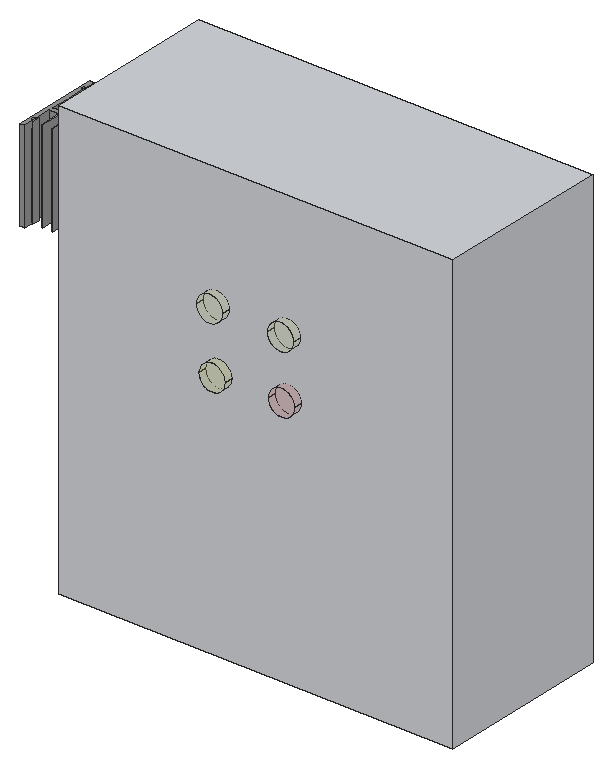
Revit family "НЕВАТОМ_Щит приточный, электрический калорифер, E, Версия 1", category Электрооборудование, Revit 2017
Family settings
  Конфигурация панели = Два столбца, слева направо
  Размер круглого соединителя = Использовать диаметр
  Тип детали = Щит
  Номер OmniClass = 23.80.30.11.17
  Заголовок OmniClass = Distribution Boards and Control Panels
  На основе рабочей плоскости = Да
  Всегда вертикально = Да
  При загрузке вырезать с полостями = Нет
  Общий = Нет
  Точка расчета площади = Нет
Parameters (values of type "ABUm–E–1–Z–0,35e–6–PZ/UVi")
  ф3 = 220.019 mm
  ф2 = 143.919 mm
  ф1 = 64.966 mm
  кнопка = 10 mm
  видимость 6 (5 лампочек) = no
  видимость 5 ( 3 лампочки) = no
  видимость 4 (4  лампочки) = yes
  видимость 3 ( 6 лампочек) = no
  видимость 2 калорифер = yes
  видимость 1 = no
  видимость [instance] = no
  Default Elevation = 1219.2 mm
  НЕВАТОМ_Преобразователь частоты Danfoss, кВт = ""
  НЕВАТОМ_Ориентировочная мощность двигателя = 0.35 kW
  НЕВАТОМ_Номинальный ток двигателя = 2 A
  Макс. допустимая мощность нагревателя, кВт = "6"
  built-in parameter 1140083 [instance] = "Металлический"  # constant formula
  Количество ступеней нагревателя = 0 mm
  ADSK_Размер_Ширина = 200 mm
  ADSK_Размер_Длина = 450 mm
  ADSK_Размер_Высота = 500 mm
  ADSK_Примечание = ""
  ADSK_Напряжение = 220 V
  ADSK_Наименование = "ABUm–E–1–Z–0,35e–6–PZ/UVi"
  ADSK_Материал = none
  ADSK_Марка = ADSK_Наименование  # "ABUm–E–1–Z–0,35e–6–PZ/UVi"
  ADSK_Количество фаз = 3  # constant formula
  ADSK_Количество = 1  # constant formula
  ADSK_Код изделия = ""
  ADSK_Завод-изготовитель = "НЕВАТОМ"  # constant formula
  ADSK_Единица измерения = "шт."  # constant formula
  ADSK_URL документации изделия = ""
Types (82, lengths in mm): name | кнопка | видимость 6 (5 лампочек) | видимость 5 ( 3 лампочки) | видимость 4 (4  лампочки) | видимость 3 ( 6 лампочек) | видимость 2 калорифер | видимость 1 | видимость | Default Elevation | НЕВАТОМ_Преобразователь частоты Danfoss, кВт | НЕВАТОМ_Ориентировочная мощность двигателя | НЕВАТОМ_Номинальный ток двигателя | Макс. допустимая мощность нагревателя, кВт | Количество ступеней нагревателя | ADSK_Размер_Ширина | ADSK_Размер_Длина | ADSK_Размер_Высота | ADSK_Напряжение | ADSK_Наименование | ADSK_Марка
  (no name) | 10 | no | no | yes | no | yes | no | no | 1219.2 | "" | 0.35 kW | 2 A | "6" | 0 | 200 | 450 | 500 | 220 V | "ABUm–E–1–Z–0,35e–6–PZ/UVi" | "ABUm–E–1–Z–0,35e–6–PZ/UVi"
  ABUm–Е–1–ZM-0,35-4,5/1 | 10 | no | no | no | no | yes | no | yes | 1219.2 | "" | 0 kW | 0 A | "4.5" | 1 | 200 | 400 | 650 | 0 V | "ABUm–Е–1–ZM-0,35-4,5/1" | "ABUm–Е–1–ZM-0,35-4,5/1"
  ABUm–Е–1–ZM-0,75-4,5/1 | 10 | no | no | no | no | yes | no | yes | 1219.2 | "" | 0 kW | 0 A | "4.5" | 1 | 200 | 400 | 650 | 380 V | "ABUm–Е–1–ZM-0,75-4,5/1" | "ABUm–Е–1–ZM-0,75-4,5/1"
  ABUm–E–1–ZM–0,35–6/1 | 10 | no | yes | no | no | yes | no | no | 1219.2 | "ND–051 0,37 кВт для 3 фазы" | 0 kW | 1.6 A | "6" | 1 | 200 | 400 | 650 | 380 V | "ABUm–E–1–ZM–0,35–6/1" | "ABUm–E–1–ZM–0,35–6/1"
  ABUm–E–1–ZM–0,75–6/1 | 10 | no | yes | no | no | yes | no | no | 0 | "ND–051 0,75 кВт для 3 фазы" | 0 kW | 2.5 A | "6" | 1 | 200 | 400 | 650 | 380 V | "ABUm–E–1–ZM–0,75–6/1" | "ABUm–E–1–ZM–0,75–6/1"
  ABUm–E–1–ZM–0,35–7,5/1 | 10 | no | yes | no | no | yes | no | no | 1219.2 | "ND–051 0,37 кВт для 3 фазы" | 0 kW | 1.6 A | "7.5" | 1 | 300 | 400 | 650 | 380 V | "ABUm–E–1–ZM–0,35–7,5/1" | "ABUm–E–1–ZM–0,35–7,5/1"
  ABUm–E–1–ZM–0,75–7,5/1 | 10 | no | yes | no | no | yes | no | no | 1219.2 | "" | 0 kW | 0 A | "7.5" | 1 | 200 | 400 | 650 | 380 V | "ABUm–E–1–ZM–0,75–7,5/1" | "ABUm–E–1–ZM–0,75–7,5/1"
  ABUm–E–1–ZM–0,35–12/2 | 10 | yes | no | no | no | yes | no | no | 1219.2 | "ND–051 0,37 кВт для 3 фазы" | 0 kW | 1.6 A | "12" | 2 | 200 | 400 | 650 | 380 V | "ABUm–E–1–ZM–0,35–12/2" | "ABUm–E–1–ZM–0,35–12/2"
  ABUm–E–1–ZM–0,75–12/2 | 10 | yes | no | no | no | yes | no | no | 1219.2 | "ND–051 0,75 кВт для 3 фазы" | 0 kW | 2.5 A | "12" | 2 | 200 | 400 | 650 | 380 V | "ABUm–E–1–ZM–0,75–12/2" | "ABUm–E–1–ZM–0,75–12/2"
  ABUm–E–1–ZM–0,35–15/2 | 10 | yes | no | no | no | yes | no | no | 1219.2 | "ND–051 0,37 кВт для 3 фазы" | 0 kW | 1.6 A | "15" | 2 | 200 | 400 | 650 | 380 V | "ABUm–E–1–ZM–0,35–15/2" | "ABUm–E–1–ZM–0,35–15/2"
  ABUm–E–1–ZM–0,75–15/2 | 10 | yes | no | no | no | yes | no | no | 1219.2 | "ND–051 0,75 кВт для 3 фазы" | 0 kW | 2.5 A | "15" | 2 | 200 | 400 | 650 | 380 V | "ABUm–E–1–ZM–0,75–15/2" | "ABUm–E–1–ZM–0,75–15/2"
  ABUm–E–1–ZM–0,75–22,5/2 | 10 | yes | no | no | no | yes | no | no | 1219.2 | "ND–051 0,75 кВт для 3 фазы" | 0 kW | 2.5 A | "22.5" | 2 | 200 | 400 | 650 | 380 V | "ABUm–E–1–ZM–0,75–22,5/2" | "ABUm–E–1–ZM–0,75–22,5/2"
  ABUm–E–1–ZM–1,5–22,5/2 | 60 | yes | no | no | no | yes | no | no | 1219.2 | "ND–051 1.5 кВт для 3 фазы" | 0 kW | 4 A | "22.5" | 2 | 200 | 400 | 650 | 380 V | "ABUm–E–1–ZM–0,75–22,5/2" | "ABUm–E–1–ZM–0,75–22,5/2"
  ABUm–E–1–ZM–1,5–30/2 | 10 | yes | no | no | no | yes | no | no | 1219.2 | "ND–051 1.5 кВт для 3 фазы" | 0 kW | 4 A | "30" | 2 | 200 | 400 | 650 | 380 V | "ABUm–E–1–ZM–1,5–30/2" | "ABUm–E–1–ZM–1,5–30/2"
  ABUm–E–1–ZM–2–30/2 | 10 | yes | no | no | no | yes | no | no | 1219.2 | "ND–051 1.5 кВт для 3 фазы" | 0 kW | 6 A | "30" | 2 | 200 | 400 | 650 | 380 V | "ABUm–E–1–ZM–2–30/2" | "ABUm–E–1–ZM–2–30/2"
  ABUm–E–1–ZM–1,5–37,5/3 | 10 | no | no | yes | no | yes | no | no | 1219.2 | "ND–051 1.5 кВт для 3 фазы" | 0 kW | 4 A | "37.5" | 3 | 200 | 680 | 800 | 380 V | "ABUm–E–1–ZM–1,5–37,5/3" | "ABUm–E–1–ZM–1,5–37,5/3"
  ABUm–E–1–ZM–2–37,5/3 | 10 | no | no | yes | no | yes | no | no | 1219.2 | "ND–051 2.2 кВт для 3 фазы" | 0 kW | 6 A | "37.5" | 3 | 200 | 680 | 800 | 380 V | "ABUm–E–1–ZM–2–37,5/3" | "ABUm–E–1–ZM–2–37,5/3"
  ABUm–E–1–ZM–2–45/3 | 10 | no | no | no | no | yes | no | no | 1219.2 | "ND–051 2.2 кВт для 3 фазы" | 0 kW | 6 A | "45" | 3 | 200 | 680 | 800 | 380 V | "ABUm–E–1–ZM–2–45/3" | "ABUm–E–1–ZM–2–45/3"
  ABUm–E–1–ZM–4–45/3 | 10 | no | no | yes | no | yes | no | no | 1219.2 | "ND–051 4.0 кВт для 3 фазы" | 0 kW | 10 A | "45" | 3 | 200 | 680 | 800 | 380 V | "ABUm–E–1–ZM–4–45/3" | "ABUm–E–1–ZM–4–45/3"
  ABUm–E–1–ZM–4–60/4 | 10 | no | no | no | no | yes | no | yes | 1219.2 | "ND–051 4.0 кВт для 3 фазы" | 0 kW | 10 A | "60" | 4 | 200 | 680 | 800 | 380 V | "ABUm–E–1–ZM–4–60/4" | "ABUm–E–1–ZM–4–60/4"
  ABUm–E–1–ZM–5,5–60/4 | 10 | no | no | no | no | yes | no | yes | 1219.2 | "" | 0 kW | 0 A | "60" | 4 | 200 | 680 | 800 | 380 V | "ND–051 5,5 кВт для 3 фазы" | "ND–051 5,5 кВт для 3 фазы"
  ABUm–E–1–ZM–4–75/5 | 10 | no | no | no | no | yes | no | yes | 1219.2 | "ND–051 4.0 кВт для 3 фазы" | 0 kW | 10 A | "75" | 5 | 300 | 800 | 1000 | 380 V | "ABUm–E–1–ZM–4–75/5" | "ABUm–E–1–ZM–4–75/5"
  ABUm–E–1–ZM–5,5–75/5 | 10 | no | no | no | no | yes | no | yes | 1219.2 | "ND–051 5.5кВт для 3 фазы" | 0 kW | 13 A | "75" | 5 | 300 | 800 | 1000 | 380 V | "ABUm–E–1–ZM–5,5–75/5" | "ABUm–E–1–ZM–5,5–75/5"
  ABUm–E–1–ZM–5,5–90/5 | 10 | no | no | yes | no | yes | no | no | 1219.2 | "ND–051 5.5 кВт для 3 фазы" | 0 kW | 13 A | "90" | 5 | 300 | 800 | 1000 | 380 V | "ABUm–E–1–ZM–5,5–90/5" | "ABUm–E–1–ZM–5,5–90/5"
  ABUm–E–1–ZM–7,5–120/5 | 10 | no | no | yes | no | yes | no | no | 1219.2 | "ND–051 7.5 кВт для 3 фазы" | 0 kW | 18 A | "120" | 5 | 300 | 800 | 1000 | 380 V | "ABUm–E–1–ZM–7,5–120/5" | "ABUm–E–1–ZM–7,5–120/5"
  ABUm–E–1–ZM–15–120/5 | 10 | no | no | yes | no | yes | no | no | 1219.2 | "ND–051 15 кВт для 3 фазы" | 0 kW | 32 A | "120" | 5 | 300 | 800 | 1000 | 380 V | "ABUm–E–1–ZM–15–120/5" | "ABUm–E–1–ZM–15–120/5"
  ABUm–E–3–Ev–0,35e–3,0e–UVi | 10 | no | no | no | no | yes | yes | no | 1219.2 | "ND–051 0.75 кВт для 3 фазы" | 0.35 kW | 2 A | "3" | 0 | 200 | 450 | 500 | 220 V | "ABUm–E–3–Ev–0,35e–3,0e–UVi" | "ABUm–E–3–Ev–0,35e–3,0e–UVi"
  ABUm–E–3–Ev–0,35e–4,5–UVi | 10 | no | no | no | no | yes | yes | no | 1219.2 | "" | 0.35 kW | 2 A | "4.5" | 0 | 200 | 450 | 500 | 220 V | "ABUm–E–3–Ev–0,35e–4,5–UVi" | "ABUm–E–3–Ev–0,35e–4,5–UVi"
  ABUm–E–3–Ev–0,35e–6–UVi | 10 | no | no | no | no | yes | yes | no | 1219.2 | "" | 0.35 kW | 2 A | "6" | 2 | 200 | 450 | 500 | 220 V | "ABUm–E–3–Ev–0,35e–6–UVi" | "ABUm–E–3–Ev–0,35e–6–UVi"
  ABUm–E–3–Ev–0,35e–7,5–UVi | 10 | no | no | no | no | yes | yes | no | 1219.2 | "" | 0.35 kW | 2 A | "7.5" | 0 | 200 | 450 | 500 | 220 V | "ABUm–E–3–Ev–0,35e–7,5–UVi" | "ABUm–E–3–Ev–0,35e–7,5–UVi"
  ABUm–E–3–Ev–0,35e–12–UVi | 10 | no | no | no | no | yes | yes | no | 1219.2 | "" | 0.35 kW | 2 A | "12" | 0 | 200 | 450 | 500 | 220 V | "ABUm–E–3–Ev–0,35e–12–UVi" | "ABUm–E–3–Ev–0,35e–12–UVi"
  ABUm–E–3–Ev–0,35e–15–UVi | 10 | no | no | no | no | yes | yes | no | 1219.2 | "" | 0.35 kW | 2 A | "15" | 0 | 200 | 450 | 500 | 220 V | "ABUm–E–3–Ev–0,35e–15–UVi" | "ABUm–E–3–Ev–0,35e–15–UVi"
  ABUm–E–3–Ev–0,35e–18–UVi | 10 | no | no | no | no | yes | yes | no | 1219.2 | "" | 0.35 kW | 2 A | "18" | 0 | 200 | 450 | 500 | 220 V | "ABUm–E–3–Ev–0,35e–18–UVi" | "ABUm–E–3–Ev–0,35e–18–UVi"
  ABUm–E–3–Ev–0,75–7,5 | 10 | no | no | no | no | yes | yes | no | 1219.2 | "ND–051 0.75 кВт для 3 фазы" | 0.75 kW | 2 A | "12" | 0 | 200 | 450 | 500 | 220 V | "ABUm–E–3–Ev–0,75–7,5" | "ABUm–E–3–Ev–0,75–7,5"
  ABUm–E–3–Ev–0,35–12 | 10 | no | no | no | no | yes | yes | no | 1219.2 | "ND–051 0.75 кВт для 3 фазы" | 0.35 kW | 1.2 A | "12" | 0 | 200 | 450 | 500 | 220 V | "ABUm–E–3–Ev–0,35–12" | "ABUm–E–3–Ev–0,35–12"
  ABUm–E–3–Ev–0,35–3,0e | 10 | no | no | no | no | yes | yes | no | 1219.2 | "ND–051 0.75 кВт для 3 фазы" | 0.35 kW | 1.2 A | "3" | 0 | 200 | 450 | 500 | 380 V | "ABUm–E–3–Ev–0,35–3,0e" | "ABUm–E–3–Ev–0,35–3,0e"
  ABUm–E–3–Ev–0,35–4,5 | 10 | no | no | no | no | yes | yes | no | 1219.2 | "ND–051 0.75 кВт для 3 фазы" | 0 kW | 1.2 A | "4.5" | 0 | 200 | 450 | 500 | 380 V | "ABUm–E–3–Ev–0,35–4,5" | "ABUm–E–3–Ev–0,35–4,5"
  ABUm–E–3–Ev–0,75–4,5 | 10 | no | no | no | no | yes | yes | no | 1219.2 | "ND–051 0.75 кВт для 3 фазы" | 0 kW | 0 A | "4.5" | 0 | 200 | 450 | 500 | 380 V | "ABUm–E–3–Ev–0,75–4,5" | "ABUm–E–3–Ev–0,75–4,5"
  ABUm–E–3–Ev–0,35–6 | 10 | no | no | no | no | yes | yes | no | 1219.2 | "ND–051 0.75 кВт для 3 фазы" | 0 kW | 1.2 A | "6" | 0 | 200 | 450 | 500 | 380 V | "ABUm–E–3–Ev–0,35–6" | "ABUm–E–3–Ev–0,35–6"
  ABUm–E–3–Ev–0,75–6 | 10 | no | no | no | no | yes | yes | no | 1219.2 | "" | 0 kW | 0 A | "6" | 0 | 200 | 450 | 500 | 380 V | "ABUm–E–3–Ev–0,75–6" | "ABUm–E–3–Ev–0,75–6"
  ABUm–E–3–Ev–0,35–7,5 | 10 | no | no | no | no | yes | yes | no | 1219.2 | "ND–051 0.75 кВт для 3 фазы" | 0 kW | 2 A | "7.5" | 0 | 200 | 450 | 500 | 380 V | "ABUm–E–3–Ev–0,35–7,5" | "ABUm–E–3–Ev–0,35–7,5"
  ABUm–E–3–Ev–0,35–15 | 10 | no | no | no | no | yes | yes | no | 1219.2 | "ND–051 0.75 кВт для 3 фазы" | 0.35 kW | 0 A | "15" | 1.2 | 200 | 450 | 500 | 380 V | "ABUm–E–3–Ev–0,35–15" | "ABUm–E–3–Ev–0,35–15"
  ABUm–E–3–Ev–0,75–15 | 10 | no | no | no | no | yes | yes | no | 1219.2 | "ND–051 0.75 кВт для 3 фазы" | 0.75 kW | 2 A | "15" | 0 | 200 | 450 | 500 | 380 V | "ABUm–E–3–Ev–0,75–15" | "ABUm–E–3–Ev–0,75–15"
  ABUm–E–3–Ev–0,75–22,5 | 10 | no | no | no | no | yes | yes | no | 1219.2 | "ND–051 1.5 кВт для 3 фазы" | 1.5 kW | 2 A | "22.5" | 0 | 200 | 450 | 500 | 380 V | "ABUm–E–3–Ev–0,75–22,5" | "ABUm–E–3–Ev–0,75–22,5"
  ABUm–E–3–Ev–1,5–22,5 | 10 | no | no | no | no | yes | yes | no | 1219.2 | "ND–051 1.5 кВт для 3 фазы" | 1.5 kW | 3.6 A | "22.5" | 0 | 200 | 450 | 500 | 380 V | "ABUm–E–3–Ev–1,5–22,5" | "ABUm–E–3–Ev–1,5–22,5"
  ABUm–E–3–Ev–1,5–30 | 10 | no | no | no | no | yes | yes | no | 1219.2 | "ND–051 1.5 кВт для 3 фазы" | 1.5 kW | 3.6 A | "30" | 0 | 200 | 450 | 500 | 380 V | "ABUm–E–3–Ev–1,5–30" | "ABUm–E–3–Ev–1,5–30"
  ABUm–E–3–EV–2,2–30 | 10 | no | no | no | no | yes | yes | no | 1219.2 | "ND–051 2.2 кВт для 3 фазы" | 2.2 kW | 5.2 A | "30" | 0 | 200 | 450 | 500 | 380 V | "ABUm–E–3–Ev–1,5–30" | "ABUm–E–3–Ev–1,5–30"
  ABUm–E–4–0,35–4,5/1 | 10 | no | no | no | yes | no | no | no | 1219.2 | "ND–051 0.75 кВт для 3 фазы" | 0.35 kW | 1.2 A | "4.5" | 0 | 200 | 450 | 500 | 380 V | "ABUm–E–4–0,35–4,5/1" | "ABUm–E–4–0,35–4,5/1"
  ABUm–E–4–0,75–4,5/1 | 10 | no | no | no | yes | no | no | no | 1219.2 | "ND–051 0.75 кВт для 3 фазы" | 0.75 kW | 2 A | "4.5" | 0 | 200 | 450 | 500 | 380 V | "ABUm–E–4–0,35–4,5/1" | "ABUm–E–4–0,35–4,5/1"
  ABUm–E–4–0,35–6/1 | 10 | no | no | no | yes | no | no | no | 1219.2 | "ND–051 0.75 кВт для 3 фазы" | 0.35 kW | 1.2 A | "6" | 0 | 200 | 450 | 500 | 380 V | "ABUm–E–4–0,35–6/1" | "ABUm–E–4–0,35–6/1"
  ABUm–E–4–0,75–6/1 | 10 | no | no | no | yes | no | no | no | 1219.2 | "ND–051 0.75 кВт для 3 фазы" | 0.75 kW | 2 A | "6" | 0 | 200 | 450 | 500 | 380 V | "ABUm–E–4–0,75–6/1" | "ABUm–E–4–0,75–6/1"
  ABUm–E–4–0,35–7,5/1 | 10 | no | no | no | yes | no | no | no | 1219.2 | "ND–051 0.75 кВт для 3 фазы" | 0.35 kW | 0.35 A | "7.5" | 0 | 200 | 450 | 500 | 380 V | "ABUm–E–4–0,35–7,5/1" | "ABUm–E–4–0,35–7,5/1"
  ABUm–E–4–0,75–7,5/1 | 10 | no | no | no | yes | no | no | no | 1219.2 | "ND–051 0.75 кВт для 3 фазы" | 0.75 kW | 1.2 A | "7.5" | 0 | 200 | 450 | 500 | 380 V | "ABUm–E–4–0,35–7,5/1" | "ABUm–E–4–0,35–7,5/1"
  ABUm–E–4–0,35–12/2 | 10 | no | no | no | yes | no | no | no | 1219.2 | "ND–051 0.75 кВт для 3 фазы" | 0.35 kW | 1.2 A | "12" | 0 | 200 | 450 | 500 | 380 V | "ABUm–E–4–0,35–12/2" | "ABUm–E–4–0,35–12/2"
  ABUm–E–4–0,35–15/2 | 10 | no | no | no | yes | no | no | no | 1219.2 | "ND–051 0.75 кВт для 3 фазы" | 0.35 kW | 1.2 A | "15" | 0 | 200 | 450 | 500 | 380 V | "ABUm–E–4–0,35–15/2" | "ABUm–E–4–0,35–15/2"
  ABUm–E–4–0,75–15/2 | 10 | no | no | no | yes | no | no | no | 1219.2 | "ND–051 0.75 кВт для 3 фазы" | 0.75 kW | 2 A | "15" | 0 | 200 | 450 | 500 | 380 V | "ABUm–E–4–0,75–15/2" | "ABUm–E–4–0,75–15/2"
  ABUm–E–4–0,75–22,5/2 | 10 | no | no | no | yes | no | no | no | 1219.2 | "ND–051 0.75 кВт для 3 фазы" | 0.75 kW | 1.2 A | "22.5" | 0 | 200 | 450 | 500 | 380 V | "ABUm–E–4–0,75–22,5/2" | "ABUm–E–4–0,75–22,5/2"
  ABUm–E–4–1,5–22,5/2 | 10 | no | no | no | yes | no | no | no | 1219.2 | "ND–051 1.5 кВт для 3 фазы" | 1.5 kW | 3.6 A | "22.5" | 0 | 200 | 450 | 500 | 380 V | "ABUm–E–4–1,5–22,5/2" | "ABUm–E–4–1,5–22,5/2"
  ABUm–E–4–1,5–30/2 | 10 | no | no | no | yes | no | no | no | 1219.2 | "ND–051 1.5 кВт для 3 фазы" | 1.5 kW | 3.6 A | "30" | 0 | 200 | 450 | 500 | 380 V | "ABUm–E–4–1,5–30/2" | "ABUm–E–4–1,5–30/2"
  ABUm–E–4–2,2–30/2 | 10 | no | no | no | yes | no | no | no | 1219.2 | "ND–051 2.2 кВт для 3 фазы" | 2.2 kW | 5.2 A | "30" | 0 | 200 | 450 | 500 | 380 V | "ABUm–E–4–2,2–30/2" | "ABUm–E–4–2,2–30/2"
  ABUm–E–4–1,5–37,5/3 | 10 | no | no | no | yes | no | no | no | 1219.2 | "ND–051 1.5 кВт для 3 фазы" | 1.5 kW | 3.6 A | "37.5" | 0 | 200 | 400 | 650 | 380 V | "ABUm–E–4–1,5–37,5/3" | "ABUm–E–4–1,5–37,5/3"
  ABUm–E–4–2,2–37,5/3 | 10 | no | no | no | yes | no | no | no | 1219.2 | "ND–051 2.2 кВт для 3 фазы" | 2.2 kW | 5.2 A | "37.5" | 0 | 200 | 400 | 650 | 380 V | "ABUm–E–4–2,2–37,5/3" | "ABUm–E–4–2,2–37,5/3"
  ABUm–E–4–2,2–45/3 | 10 | no | no | no | yes | no | no | no | 1219.2 | "ND–051 2.2 кВт для 3 фазы" | 4 kW | 8.9 A | "45" | 0 | 200 | 400 | 650 | 380 V | "ABUm–E–4–2,2–45/3" | "ABUm–E–4–2,2–45/3"
  ABUm–E–4–4–45/3 | 10 | no | no | no | yes | no | no | no | 1219.2 | "ND–051 4.0 кВт для 3 фазы" | 4 kW | 8.9 A | "45" | 0 | 200 | 400 | 650 | 380 V | "ABUm–E–4–4–45/3" | "ABUm–E–4–4–45/3"
  ABUm–E–4–4–60/4 | 10 | no | no | no | yes | no | no | no | 1219.2 | "ND–051 4.0 кВт для 3 фазы" | 4 kW | 8.9 A | "60" | 0 | 200 | 600 | 800 | 380 V | "ABUm–E–4–4–60/4" | "ABUm–E–4–4–60/4"
  ABUm–E–4–5,5–60/4 | 10 | no | no | no | yes | no | no | no | 1219.2 | "ND–051 5.5 кВт для 3 фазы" | 0 kW | 11.3 A | "60" | 0 | 200 | 600 | 800 | 380 V | "ABUm–E–4–5,5–60/4" | "ABUm–E–4–5,5–60/4"
  ABUm–E–4–4–75/5 | 10 | no | no | no | yes | no | no | no | 1219.2 | "ND–051 4.0 кВт для 3 фазы" | 4 kW | 8.9 A | "75" | 0 | 200 | 600 | 800 | 380 V | "ABUm–E–4–4–75/5" | "ABUm–E–4–4–75/5"
  ABUm–E–4–5,5–75/5 | 10 | no | no | no | yes | no | no | no | 1219.2 | "ND–051 5.5 кВт для 3 фазы" | 5.5 kW | 11.3 A | "75" | 0 | 200 | 600 | 800 | 380 V | "ABUm–E–4–5,5–75/5" | "ABUm–E–4–5,5–75/5"
  ABUm–E–4–5,5–90/5 | 10 | no | no | no | yes | no | no | no | 1219.2 | "ND–051 5.5 кВт для 3 фазы" | 5.5 kW | 11.3 A | "90" | 0 | 200 | 600 | 800 | 380 V | "ABUm–E–4–5,5–90/5" | "ABUm–E–4–5,5–90/5"
  ABUm–E–4–7,5–120/5 | 10 | no | no | no | yes | no | no | no | 1219.2 | "ND–051 7.5 кВт для 3 фазы" | 7.5 kW | 15.6 A | "120" | 0 | 200 | 600 | 800 | 380 V | "ABUm–E–4–7,5–120/5" | "ABUm–E–4–7,5–120/5"
  ABUm–E–1–Z–0,8e–4,5–PZ/UVi | 10 | no | no | no | no | yes | no | no | 1219.2 | "" | 0.8 kW | 2 A | "4.5" | 0 | 200 | 450 | 500 | 220 V | "ABUm–E–1–Z–0,8e–4,5–PZ/UVi" | "ABUm–E–1–Z–0,8e–4,5–PZ/UVi"
  ABUm–E–1–Z–0,35e–6–PZ/UVi | 10 | no | no | yes | no | yes | no | no | 1219.2 | "" | 0.35 kW | 2 A | "6" | 0 | 200 | 450 | 500 | 220 V | "ABUm–E–1–Z–0,35e–6–PZ/UVi" | "ABUm–E–1–Z–0,35e–6–PZ/UVi"
  ABUm–E–1–Z–0,8e–6–PZ/UVi | 10 | no | no | no | no | yes | no | no | 1219.2 | "" | 0.35 kW | 3.5 A | "6" | 0 | 200 | 450 | 500 | 220 V | "ABUm–E–1–Z–0,8e–6–PZ/UVi" | "ABUm–E–1–Z–0,8e–6–PZ/UVi"
  ABUm–E–1–Z–0,8e–7,5–PZ/UVi | 10 | no | no | no | no | yes | no | no | 1219.2 | "" | 0 kW | 3.5 A | "7.5" | 0 | 200 | 450 | 500 | 220 V | "ABUm–E–1–Z–0,8e–7,5–PZ/UVi" | "ABUm–E–1–Z–0,8e–7,5–PZ/UVi"
  ABUm–E–1–Z–0,35e–12–PZ/UVi | 10 | no | no | no | no | yes | no | no | 1219.2 | "" | 0.35 kW | 2 A | "12" | 0 | 200 | 450 | 500 | 220 V | "ABUm–E–1–Z–0,35e–12–PZ/UVi" | "ABUm–E–1–Z–0,35e–12–PZ/UVi"
  ABUm–E–1–Z–0,8e–12–PZ/UVi | 10 | no | no | yes | no | yes | no | no | 1219.2 | "" | 0.8 kW | 0 A | "12" | 0 | 200 | 450 | 500 | 220 V | "ABUm–E–1–Z–0,8e–12–PZ/UVi" | "ABUm–E–1–Z–0,8e–12–PZ/UVi"
  ABUm–E–1–Z–0,35e–15–PZ/UVi | 10 | no | no | no | no | yes | no | no | 1219.2 | "" | 0.8 kW | 3.5 A | "15" | 0 | 200 | 450 | 500 | 220 V | "ABUm–E–1–Z–0,8e–22,5–PZ/UVi" | "ABUm–E–1–Z–0,8e–22,5–PZ/UVi"
  ABUm–E–1–ZM–0,35–4,5/1 | 10 | no | yes | no | no | yes | no | no | 0 | "ND–051 0,37 кВт для 3 фазы" | 0.37 kW | 1.6 A | "4.5" | 1 | 200 | 400 | 650 | 380 V | "ABUm–E–1–ZM–0,35–4,5/1" | "ABUm–E–1–ZM–0,35–4,5/1"
  ABUm–E–1–ZM–0,75–4,5/1 | 10 | no | yes | no | no | yes | no | no | 1219.2 | "ND–051 0,75 кВт для 3 фазы" | 0.75 kW | 2.5 A | "4.5" | 1 | 200 | 400 | 650 | 380 V | "ABUm–E–1–ZM–0,75–4,5/1" | "ABUm–E–1–ZM–0,75–4,5/1"
  ABUm–E–1–ZM–7,5–90/5 | 10 | no | no | yes | no | yes | no | no | 1219.2 | "" | 0 kW | 0 A | "90" | 5 | 300 | 800 | 1000 | 380 V | "ABUm–E–1–ZM–7,5–90/5" | "ABUm–E–1–ZM–7,5–90/5"
  ABUm–E–1–Z–0,8e–15–PZ/UVi | 10 | no | no | no | no | yes | no | no | 1219.2 | "" | 0.8 kW | 3.5 A | "15" | 0 | 200 | 450 | 500 | 220 V | "ABUm–E–1–Z–0,8e–15–PZ/UVi" | "ABUm–E–1–Z–0,8e–15–PZ/UVi"
  ABUm–E–1–Z–0,8e–22,5–PZ/UVi | 10 | no | no | no | no | yes | no | no | 1219.2 | "" | 0 kW | 0 A | "22.5" | 0 | 200 | 450 | 500 | 220 V | "ABUm–E–1–Z–0,8e–22,5–PZ/UVi" | "ABUm–E–1–Z–0,8e–22,5–PZ/UVi"
Reference planes
  plane 1 "По центру (Вперед/Назад)": y = 0
  plane 2: z = 0
  plane 3 "По центру (Влево/Вправо)": x = 0
  plane 4: y = 100
  plane 5: y = -100
  plane 6: x = -225
  plane 7: x = 225
  plane 8: z = 500
Forms (mm)
  Extrusion 1, solid, material <- "ADSK_Материал"
    sketch origin (0, 0, 0) x (1, 0, 0) y (0, 1, 0)
      loop
        line (-225, 100) -> (-225, -100) -> (225, -100) -> (225, 100) -> (-225, 100)
    from 0 to 500
  Extrusion 2, solid, material "Пластик ПЭТ", visible <- "видимость"
    sketch origin (99.074, 0, 167.022) x (1, 0, 0) y (0, 0, 1)
      loop
        circle (-99.074, 296.086) r 15
    from 100 to 110
  Extrusion 3, solid, material "Стекло", visible <- "видимость"
    sketch origin (10, 0, 0) x (1, 0, 0) y (0, 0, 1)
      loop
        circle (-99.074, 596.086) r 15
    from 100 to 110
  Extrusion 4, solid, material "Стекло", visible <- "видимость"
    sketch origin (70, 0, 0) x (1, 0, 0) y (0, 0, 1)
      loop
        circle (-99.074, 596.086) r 15
    from 100 to 110
  Extrusion 5, solid, material "Стекло", visible <- "видимость"
    sketch origin (-10, 0, 0) x (-1, 0, 0) y (0, 0, -1)
      loop
        circle (-99.074, -596.086) r 15
    from 100 to 110
  Extrusion 6, solid, material "Стекло", visible <- "видимость"
    sketch origin (-70, 0, 0) x (-1, 0, 0) y (0, 0, -1)
      loop
        circle (-99.074, -596.086) r 15
    from 100 to 110
  Extrusion 7, solid, material "Стекло, прозрачное остекление 1", visible <- "видимость"
    sketch origin (0, 0, 270) x (1, 0, 0) y (0, 0, 1)
      loop
        circle (-30.32, 244.15) r 15
    from 100 to 110
  Extrusion 8, solid, material "Стекло, прозрачное остекление", visible <- "видимость"
    sketch origin (0, 0, 270) x (1, 0, 0) y (0, 0, 1)
      loop
        circle (26.718, 245.809) r 15
    from 100 to 110
  Extrusion 9, solid, material "Стекло", visible <- "видимость 1"
    sketch origin (0, 0, 0) x (1, 0, 0) y (0, 0, 1)
      loop
        circle (-60.026, 411.081) r 15
    from 100 to 110
  Extrusion 10, solid, material "Стекло, прозрачное остекление 1", visible <- "видимость 1"
    sketch origin (0, 0, -2.381) x (1, 0, 0) y (0, 0, 1)
      loop
        circle (0, 413.463) r 15
    from 100 to 110
  Extrusion 11, solid, material "Стекло, прозрачное остекление", visible <- "видимость 1"
    sketch origin (0, 0, 0) x (1, 0, 0) y (0, 0, 1)
      loop
        circle (59.565, 412.764) r 15
    from 100 to 110
  Extrusion 12, solid, material "Пластик ПЭТ", visible <- "видимость 1"
    sketch origin (0, 0, -20) x (1, 0, 0) y (0, 0, 1)
      loop
        circle (-60.026, 325.28) r 15
      loop
        circle (60.026, 325.28) r 15
    from 100 to 110
  Extrusion 13, solid, material "Стекло, прозрачное остекление 1", visible <- "видимость 3 ( 6 лампочек)"
    sketch origin (0, 0, 55) x (1, 0, 0) y (0, 0, 1)
      loop
        circle (-39.567, 330.034) r 15
    from 100 to 110
  Extrusion 14, solid, material "Стекло, прозрачное остекление 1", visible <- "видимость 3 ( 6 лампочек)"
    sketch origin (0, 0, 355) x (-1, 0, 0) y (0, 0, -1)
      loop
        circle (-39.567, -30.034) r 15
    from 100 to 110
  Extrusion 15, solid, material "Стекло, прозрачное остекление", visible <- "видимость 3 ( 6 лампочек)"
    sketch origin (0, 0, 0) x (1, 0, 0) y (0, 0, 1)
      loop
        circle (-42.425, 292.049) r 15
    from 100 to 110
  Extrusion 16, solid, material "Стекло, прозрачное остекление", visible <- "видимость 3 ( 6 лампочек)"
    sketch origin (0, 0, -150) x (-1, 0, 0) y (0, 0, -1)
      loop
        circle (-42.425, -442.049) r 15
    from 100 to 110
  Extrusion 17, solid, material "Стекло", visible <- "видимость 3 ( 6 лампочек)"
    sketch origin (0, 0, -150) x (1, 0, 0) y (0, 0, 1)
      loop
        circle (43.654, 342.259) r 15
      loop
        circle (-43.654, 342.259) r 15
    from 100 to 110
  Extrusion 18, solid, material "Стекло, прозрачное остекление 1", visible <- "видимость 3 ( 6 лампочек)", not visible
    sketch origin (0, 50, 55) x (1, 0, 0) y (0, 0, 1)
      loop
        circle (-39.567, 330.034) r 15
    from 100 to 110
  Extrusion 19, solid, material "Стекло, прозрачное остекление 1", visible <- "видимость 3 ( 6 лампочек)", not visible
    sketch origin (0, 50, 355) x (-1, 0, 0) y (0, 0, -1)
      loop
        circle (-39.567, -30.034) r 15
    from 100 to 110
  Extrusion 20, solid, material "Стекло, прозрачное остекление", visible <- "видимость 3 ( 6 лампочек)", not visible
    sketch origin (0, 50, 0) x (1, 0, 0) y (0, 0, 1)
      loop
        circle (-42.425, 292.049) r 15
    from 100 to 110
  Extrusion 21, solid, material "Стекло, прозрачное остекление", visible <- "видимость 3 ( 6 лампочек)", not visible
    sketch origin (0, 50, -150) x (-1, 0, 0) y (0, 0, -1)
      loop
        circle (-42.425, -442.049) r 15
    from 100 to 110
  Extrusion 22, solid, material "Стекло", visible <- "видимость 3 ( 6 лампочек)", not visible
    sketch origin (0, 50, -150) x (1, 0, 0) y (0, 0, 1)
      loop
        circle (43.654, 342.259) r 15
      loop
        circle (-43.654, 342.259) r 15
    from 100 to 110
  Extrusion 23, solid, material "Стекло", visible <- "видимость 1", not visible
    sketch origin (0, 50, 0) x (1, 0, 0) y (0, 0, 1)
      loop
        circle (-60.026, 411.081) r 15
    from 100 to 110
  Extrusion 24, solid, material "Стекло, прозрачное остекление 1", visible <- "видимость 1", not visible
    sketch origin (0, 50, -2.381) x (1, 0, 0) y (0, 0, 1)
      loop
        circle (0, 413.463) r 15
    from 100 to 110
  Extrusion 25, solid, material "Стекло, прозрачное остекление", visible <- "видимость 1", not visible
    sketch origin (0, 50, 0) x (1, 0, 0) y (0, 0, 1)
      loop
        circle (59.565, 412.764) r 15
    from 100 to 110
  Extrusion 26, solid, material "Пластик ПЭТ", visible <- "видимость 1", not visible
    sketch origin (0, 50, 160) x (1, 0, 0) y (0, 0, 1)
      loop
        circle (-60.026, 175.28) r 15
      loop
        circle (60.026, 175.28) r 15
    from 100 to 110
  Extrusion 27, solid, material "Пластик ПЭТ", visible <- "видимость", not visible
    sketch origin (99.074, 0, 167.022) x (1, 0, 0) y (0, 0, 1)
      loop
        circle (-99.074, 296.086) r 15
    from 100 to 110
  Extrusion 28, solid, material "Стекло", visible <- "видимость", not visible
    sketch origin (10, 0, 0) x (1, 0, 0) y (0, 0, 1)
      loop
        circle (-99.074, 596.086) r 15
    from 100 to 110
  Extrusion 29, solid, material "Стекло", visible <- "видимость", not visible
    sketch origin (70, 0, 0) x (1, 0, 0) y (0, 0, 1)
      loop
        circle (-99.074, 596.086) r 15
    from 100 to 110
  Extrusion 30, solid, material "Стекло", visible <- "видимость", not visible
    sketch origin (-10, 0, 0) x (-1, 0, 0) y (0, 0, -1)
      loop
        circle (-99.074, -596.086) r 15
    from 100 to 110
  Extrusion 31, solid, material "Стекло", visible <- "видимость", not visible
    sketch origin (-70, 0, 0) x (-1, 0, 0) y (0, 0, -1)
      loop
        circle (-99.074, -596.086) r 15
    from 100 to 110
  Extrusion 32, solid, material "Стекло, прозрачное остекление 1", visible <- "видимость", not visible
    sketch origin (0, 0, 270) x (1, 0, 0) y (0, 0, 1)
      loop
        circle (-30.32, 244.15) r 15
    from 100 to 110
  Extrusion 33, solid, material "Стекло, прозрачное остекление", visible <- "видимость", not visible
    sketch origin (0, 0, 270) x (1, 0, 0) y (0, 0, 1)
      loop
        circle (26.718, 245.809) r 15
    from 100 to 110
  Extrusion 34, solid, material "Стекло", visible <- "видимость 4 (4  лампочки)"
    sketch origin (0, 0, 0) x (1, 0, 0) y (0, 0, 1)
      loop
        circle (-44.755, 359.637) r 15
    from 100 to 110
  Extrusion 35, solid, material "Стекло", visible <- "видимость 4 (4  лампочки)"
    sketch origin (0, 0, 0) x (1, 0, 0) y (0, 0, 1)
      loop
        circle (36.528, 359.274) r 15
    from 110 to 100
  Extrusion 36, solid, material "Стекло, прозрачное остекление", visible <- "видимость 4 (4  лампочки)"
    sketch origin (0, 0, 0) x (1, 0, 0) y (0, 0, 1)
      loop
        circle (37.606, 292.22) r 15
    from 100 to 110
  Extrusion 37, solid, material "Стекло, прозрачное остекление 1", visible <- "видимость 4 (4  лампочки)"
    sketch origin (0, 0, 0) x (1, 0, 0) y (0, 0, 1)
      loop
        circle (-41.853, 289.986) r 15
    from 100 to 110
  Extrusion 38, solid, material "Стекло, прозрачное остекление 1", visible <- "видимость 5 ( 3 лампочки)"
    sketch origin (0, 0, 0) x (1, 0, 0) y (0, 0, 1)
      loop
        circle (0, 337.812) r 15
    from 100 to 110
  Extrusion 39, solid, material "Стекло, прозрачное остекление", visible <- "видимость 5 ( 3 лампочки)"
    sketch origin (0, 0, 0) x (1, 0, 0) y (0, 0, 1)
      loop
        circle (42.823, 338.573) r 15
    from 100 to 110
  Extrusion 40, solid, material "Стекло", visible <- "видимость 5 ( 3 лампочки)"
    sketch origin (0, 0, 0) x (1, 0, 0) y (0, 0, 1)
      loop
        circle (-44.779, 336.288) r 15
    from 100 to 110
  Extrusion 41, solid, material "Стекло", visible <- "видимость 5 ( 3 лампочки)"
    sketch origin (0, 0, 0) x (1, 0, 0) y (0, 0, 1)
      loop
        circle (0, 273.657) r 15
    from 100 to 110
  Extrusion 42, solid, material "Стекло", visible <- "видимость 6 (5 лампочек)"
    sketch origin (0, 0, 0) x (1, 0, 0) y (0, 0, 1)
      loop
        circle (71.922, 318.588) r 15
      loop
        circle (0, 213.054) r 15
    from 100 to 110
  Extrusion 43, solid, material "Стекло, прозрачное остекление", visible <- "видимость 6 (5 лампочек)"
    sketch origin (0, 0, 0) x (1, 0, 0) y (0, 0, 1)
      loop
        circle (70.588, 253.6) r 15
    from 100 to 110
  Extrusion 44, solid, material "Стекло", visible <- "видимость 6 (5 лампочек)"
    sketch origin (0, 0, 0) x (-1, 0, 0) y (0, 0, -1)
      loop
        circle (71.922, -318.588) r 15
      loop
        circle (0, -213.054) r 15
    from 100 to 110
  Extrusion 45, solid, material "Стекло, прозрачное остекление 1", visible <- "видимость 6 (5 лампочек)"
    sketch origin (0, 0, 0) x (1, 0, 0) y (0, 0, 1)
      loop
        circle (-73.809, 248.011) r 15
    from 100 to 110
Lines and regions (mm)
  reference lines
    curve 1: line (-225, -100, 0) -> (-225, -46, 0)
Dimensions and locks
  "ADSK_Размер_Высота": plane 8 to level
  equal spacing: plane 6, plane 3 "По центру (Влево/Вправо)", plane 7
  equal spacing: plane 4, plane 1 "По центру (Вперед/Назад)", plane 5
  "ADSK_Размер_Длина": plane 6 to plane 7
  "ADSK_Размер_Ширина": plane 4 to plane 5
  locked: plane 8 to nested 1 at 65.4
  locked: plane 5 to Extrusion 3 at 10
  plane 5 to Extrusion 7 = 10 mm  (x2)
  locked: plane 5 to Extrusion 2 at 10
  Extrusion 8 to plane 5 = 10 mm
  plane 5 to Extrusion 4 = 10 mm
  plane 5 to Extrusion 6 = 10 mm
  plane 5 to Extrusion 5 = 10 mm
  plane 5 to Extrusion 8 = 10 mm
  locked: Extrusion 1 to Extrusion 34 at 10  (x4)
  locked: Extrusion 35 to Extrusion 35 at 10
  locked: Extrusion 36 to Extrusion 36 at 10
  locked: Extrusion 37 to Extrusion 37 at 10
  locked: Extrusion 1 to Extrusion 38 at 10
  locked: Extrusion 1 to Extrusion 39 at 10  (x5)
  locked: Extrusion 1 to Extrusion 40 at 10
  locked: Extrusion 1 to Extrusion 41 at 10
  locked: Extrusion 1 to Extrusion 42 at 10  (x3)
  aligned and locked: level to plane 2
  aligned and locked: plane 8 to Extrusion 1
  aligned and locked: nested 1 to plane 6
  aligned and locked: plane 5 to Extrusion 3
  aligned and locked: plane 5 to Extrusion 2
  aligned and locked: plane 5 to Extrusion 5
  aligned and locked: plane 5 to Extrusion 4
  aligned and locked: plane 5 to Extrusion 6
  aligned and locked: Extrusion 1 to plane 5  (x2)
  aligned and locked: plane 5 to Extrusion 34
  aligned and locked: plane 5 to Extrusion 35
  aligned and locked: plane 5 to Extrusion 36
  aligned and locked: plane 5 to Extrusion 37
  aligned and locked: plane 5 to Extrusion 40
  aligned and locked: plane 5 to Extrusion 41
  aligned and locked: plane 5 to Extrusion 42
Automatic sketch dimensions
  Extrusion 17 sketch curve to Extrusion 17 sketch curve = 0 mm
  Extrusion 17 sketch curve to Extrusion 17 sketch curve = 87.308 mm
  Extrusion 22 sketch curve to Extrusion 22 sketch curve = 0 mm
  Extrusion 22 sketch curve to Extrusion 22 sketch curve = 87.308 mm
  Extrusion 26 sketch curve to Extrusion 26 sketch curve = 0 mm
  Extrusion 26 sketch curve to Extrusion 26 sketch curve = 120.052 mm
  Extrusion 1 sketch curve to plane 5 = 0 mm
  Extrusion 1 sketch curve to plane 6 = 0 mm
  Extrusion 1 sketch curve to plane 7 = 0 mm
  Extrusion 1 sketch curve to plane 4 = 0 mm
  curve 1 to plane 6 = 0 mm
  curve 1 to plane 5 = 0 mm
  plane 1 "По центру (Вперед/Назад)" to curve 1 = 46 mm
  Extrusion 9 sketch curve to plane 3 "По центру (Влево/Вправо)" = 60.026 mm
  Extrusion 9 sketch curve to plane 8 = 88.919 mm
  Extrusion 10 sketch curve to plane 3 "По центру (Влево/Вправо)" = 0 mm
  Extrusion 10 sketch curve to plane 8 = 88.919 mm
  plane 3 "По центру (Влево/Вправо)" to Extrusion 11 sketch curve = 59.565 mm
  Extrusion 11 sketch curve to plane 8 = 87.236 mm
  Extrusion 12 sketch curve to plane 3 "По центру (Влево/Вправо)" = 60.026 mm
  plane 3 "По центру (Влево/Вправо)" to Extrusion 12 sketch curve = 60.026 mm
  level to Extrusion 12 sketch curve = 305.28 mm
  Extrusion 12 sketch curve to Extrusion 12 sketch curve = 0 mm
  Extrusion 34 sketch curve to plane 3 "По центру (Влево/Вправо)" = 44.755 mm
  Extrusion 34 sketch curve to plane 8 = 140.363 mm
  plane 3 "По центру (Влево/Вправо)" to Extrusion 35 sketch curve = 36.528 mm
  Extrusion 35 sketch curve to plane 8 = 140.726 mm
  plane 3 "По центру (Влево/Вправо)" to Extrusion 36 sketch curve = 37.606 mm
  Extrusion 36 sketch curve to plane 8 = 207.78 mm
  Extrusion 37 sketch curve to plane 3 "По центру (Влево/Вправо)" = 41.853 mm
  Extrusion 37 sketch curve to plane 8 = 210.014 mm
  Extrusion 38 sketch curve to plane 3 "По центру (Влево/Вправо)" = 0 mm
  Extrusion 38 sketch curve to plane 8 = 162.188 mm
  plane 3 "По центру (Влево/Вправо)" to Extrusion 39 sketch curve = 42.823 mm
  Extrusion 39 sketch curve to plane 8 = 161.427 mm
  Extrusion 40 sketch curve to plane 3 "По центру (Влево/Вправо)" = 44.779 mm
  Extrusion 40 sketch curve to plane 8 = 163.712 mm
  Extrusion 41 sketch curve to plane 3 "По центру (Влево/Вправо)" = 0 mm
  Extrusion 41 sketch curve to plane 8 = 226.343 mm
  Extrusion 42 sketch curve to plane 3 "По центру (Влево/Вправо)" = 0 mm
  plane 3 "По центру (Влево/Вправо)" to Extrusion 42 sketch curve = 71.922 mm
  Extrusion 42 sketch curve to plane 8 = 286.946 mm
  Extrusion 42 sketch curve to Extrusion 42 sketch curve = 105.533 mm
  plane 3 "По центру (Влево/Вправо)" to Extrusion 43 sketch curve = 70.588 mm
  Extrusion 43 sketch curve to plane 8 = 246.4 mm
  Extrusion 44 sketch curve to plane 3 "По центру (Влево/Вправо)" = 0 mm
  plane 3 "По центру (Влево/Вправо)" to Extrusion 44 sketch curve = 71.922 mm
  plane 8 to Extrusion 44 sketch curve = 286.946 mm
  Extrusion 44 sketch curve to Extrusion 44 sketch curve = 105.533 mm
  Extrusion 45 sketch curve to plane 3 "По центру (Влево/Вправо)" = 73.809 mm
  Extrusion 45 sketch curve to plane 8 = 251.989 mm
  radius of Extrusion 2 sketch curve = 15 mm
  radius of Extrusion 3 sketch curve = 15 mm
  radius of Extrusion 4 sketch curve = 15 mm
  radius of Extrusion 5 sketch curve = 15 mm
  radius of Extrusion 6 sketch curve = 15 mm
  radius of Extrusion 7 sketch curve = 15 mm
  radius of Extrusion 8 sketch curve = 15 mm
  radius of Extrusion 13 sketch curve = 15 mm
  radius of Extrusion 14 sketch curve = 15 mm
  radius of Extrusion 15 sketch curve = 15 mm
  radius of Extrusion 16 sketch curve = 15 mm
  radius of Extrusion 17 sketch curve = 15 mm  (x2)
  radius of Extrusion 18 sketch curve = 15 mm
  radius of Extrusion 19 sketch curve = 15 mm
  radius of Extrusion 20 sketch curve = 15 mm
  radius of Extrusion 21 sketch curve = 15 mm
  radius of Extrusion 22 sketch curve = 15 mm  (x2)
  radius of Extrusion 23 sketch curve = 15 mm
  radius of Extrusion 24 sketch curve = 15 mm
  radius of Extrusion 25 sketch curve = 15 mm
  radius of Extrusion 26 sketch curve = 15 mm  (x2)
  radius of Extrusion 27 sketch curve = 15 mm
  radius of Extrusion 28 sketch curve = 15 mm
  radius of Extrusion 29 sketch curve = 15 mm
  radius of Extrusion 30 sketch curve = 15 mm
  radius of Extrusion 31 sketch curve = 15 mm
  radius of Extrusion 32 sketch curve = 15 mm
  radius of Extrusion 33 sketch curve = 15 mm
  radius of Extrusion 9 sketch curve = 15 mm
  radius of Extrusion 10 sketch curve = 15 mm
  radius of Extrusion 11 sketch curve = 15 mm
  radius of Extrusion 12 sketch curve = 15 mm  (x2)
  radius of Extrusion 34 sketch curve = 15 mm
  radius of Extrusion 35 sketch curve = 15 mm
  radius of Extrusion 36 sketch curve = 15 mm
  radius of Extrusion 37 sketch curve = 15 mm
  radius of Extrusion 38 sketch curve = 15 mm
  radius of Extrusion 39 sketch curve = 15 mm
  radius of Extrusion 40 sketch curve = 15 mm
  radius of Extrusion 41 sketch curve = 15 mm
  radius of Extrusion 42 sketch curve = 15 mm  (x2)
  radius of Extrusion 43 sketch curve = 15 mm
  radius of Extrusion 44 sketch curve = 15 mm  (x2)
  radius of Extrusion 45 sketch curve = 15 mm
Nested families
  nested 1: "НЕВАТОМ_Радиатор 3SSR" at (-265, -6, 329.6) x (0, -1, 0) z (0, 0, 1), visible <- "видимость 2 калорифер", type "Радиатор для 3-фазного твердотельного реле 3SSR"
Connectors
  electrical at (0, 0, 0), driven by "ADSK_Напряжение"
    settings: on Extrusion 1, index 2, voltage 220 V, apparent load 0 VA, apparent load phase1 0 VA, apparent load phase2 0 VA, apparent load phase3 0 VA, power factor 1, load classification "Прочее", number of poles 1, system type 31, power factor state 1, is connector primary yes, connector utility no, sub classification motor no, connector description ""
Definition of nested family "НЕВАТОМ_Радиатор 3SSR"
  Parameters (values of type "Радиатор для 3-фазного твердотельного реле 3SSR")
    Материал = none
    ADSK_Позиция = ""
    ADSK_Обозначение = ""
    ADSK_Наименование = "Радиатор 3SSR"  # constant formula
    ADSK_Материал наименование = ""
    ADSK_Масса = 0
    ADSK_Количество = 1
    ADSK_Код изделия = ""
    ADSK_Завод-изготовитель = "ARK7"  # constant formula
    ADSK_Единица измерения = "шт."  # constant formula
    ADSK_URL страницы изделия = ""
  Reference planes
    plane 1 "По центру (Вперед/Назад)": y = 0
    plane 2: z = 0
    plane 3 "По центру (Влево/Вправо)": x = 0
  Forms (mm)
    Extrusion 1, solid, material <- "Материал"
      sketch origin (0, 0, 0) x (1, 0, 0) y (0, 1, 0)
        loop
          line (-10.033, 35.034) -> (-10.033, -35) -> (10.025, -35) -> (10.025, 35.034) -> (-10.033, 35.034)
        loop
          line (-15.033, 35.034) -> (-15.033, 24.073) -> (-39.49, 24.073) -> (-39.49, 22.049) -> (-15.033, 22.049) -> (-15.033, 12.535) -> (-39.49, 12.535) -> (-39.49, 10.54) -> (-15.033, 10.54) -> (-15.033, 1.009) -> (-39.49, 1.009) -> (-39.49, -1.015) -> (-15.033, -1.015) -> (-15.033, -10.551) -> (-39.49, -10.551) -> (-39.49, -12.512) -> (-15.033, -12.512) -> (-15.033, -22.046) -> (-39.49, -22.046) -> (-39.49, -24.001) -> (-15.033, -24.001) -> (-15.033, -35) -> (-32.013, -35) -> (-32.013, -33.017) -> (-40, -33.017) -> (-40, -35) -> (-50, -35) -> (-50, -40) -> (50, -40) -> (50, -35) -> (40, -35) -> (40, -33.017) -> (32.031, -33.017) -> (32.031, -35) -> (15.025, -35) -> (15.025, -24.001) -> (39.545, -24.001) -> (39.545, -22.046) -> (15.025, -22.046) -> (15.025, -12.512) -> (39.545, -12.512) -> (39.545, -10.551) -> (15.025, -10.551) -> (15.025, -1.015) -> (39.545, -1.015) -> (39.545, 1.009) -> (15.025, 1.009) -> (15.025, 10.54) -> (39.545, 10.54) -> (39.545, 12.535) -> (15.025, 12.535) -> (15.025, 22.049) -> (39.545, 22.049) -> (39.545, 24.073) -> (15.025, 24.073) -> (15.025, 35.034) -> (40, 35.034) -> (40, 40) -> (-40, 40) -> (-40, 35.034) -> (-15.033, 35.034)
        loop
          circle (-36.032, -35.776) r 1.572
        loop
          circle (36.007, -35.816) r 1.634
        loop
          circle (35.983, 36.776) r 1.181
        loop
          circle (-35.971, 36.769) r 1.244
      from 0 to 105
  Lines and regions (mm)
    reference lines
      curve 1: line (0, -40, 0) -> (-50, -40, 0)
      curve 2: line (0, -40, 0) -> (50, -40, 0)
      curve 3: line (-50, -40, 0) -> (-50, -35, 0)
      curve 4: line (-50, -35, 0) -> (-40, -35, 0)
      curve 5: line (-40, -35, 0) -> (-40, -33.017, 0)
      curve 6: line (-40, -33.017, 0) -> (-32.013, -33.017, 0)
      curve 7: line (-32.013, -33.017, 0) -> (-32.013, -35, 0)
      curve 8: line (-32.013, -35, 0) -> (-15.033, -35, 0)
      curve 9: line (50, -40, 0) -> (50, -35, 0)
      curve 10: line (50, -35, 0) -> (40, -35, 0)
      curve 11: line (40, -35, 0) -> (40, -33.017, 0)
      curve 12: line (40, -33.017, 0) -> (32.031, -33.017, 0)
      curve 13: line (32.031, -33.017, 0) -> (32.031, -35, 0)
      curve 14: line (32.031, -35, 0) -> (15.025, -35, 0)
      curve 15: line (-15.033, -35, 0) -> (-15.033, -24.001, 0)
      curve 16: line (15.025, -35, 0) -> (15.025, -24.001, 0)
      curve 17: line (-15.033, -24.001, 0) -> (-39.49, -24.001, 0)
      curve 18: line (-39.49, -24.001, 0) -> (-39.49, -22.046, 0)
      curve 19: line (-39.49, -22.046, 0) -> (-15.033, -22.046, 0)
      curve 20: line (15.025, -24.001, 0) -> (39.545, -24.001, 0)
      curve 21: line (39.545, -24.001, 0) -> (39.545, -22.046, 0)
      curve 22: line (39.545, -22.046, 0) -> (15.025, -22.046, 0)
      curve 23: line (-15.033, -22.046, 0) -> (-15.033, -12.512, 0)
      curve 24: line (-15.033, -12.512, 0) -> (-39.49, -12.512, 0)
      curve 25: line (-39.49, -12.512, 0) -> (-39.49, -10.551, 0)
      curve 26: line (-39.49, -10.551, 0) -> (-15.033, -10.551, 0)
      curve 27: line (15.025, -22.046, 0) -> (15.025, -12.512, 0)
      curve 28: line (15.025, -12.512, 0) -> (39.545, -12.512, 0)
      curve 29: line (39.545, -12.512, 0) -> (39.545, -10.551, 0)
      curve 30: line (39.545, -10.551, 0) -> (15.025, -10.551, 0)
      curve 31: line (-15.033, -10.551, 0) -> (-15.033, -1.015, 0)
      curve 32: line (-15.033, -1.015, 0) -> (-39.49, -1.015, 0)
      curve 33: line (-39.49, -1.015, 0) -> (-39.49, 1.009, 0)
      curve 34: line (-39.49, 1.009, 0) -> (-15.033, 1.009, 0)
      curve 35: line (15.025, -10.551, 0) -> (15.025, -1.015, 0)
      curve 36: line (15.025, -1.015, 0) -> (39.545, -1.015, 0)
      curve 37: line (39.545, -1.015, 0) -> (39.545, 1.009, 0)
      curve 38: line (39.545, 1.009, 0) -> (15.025, 1.009, 0)
      curve 39: line (-15.033, 1.009, 0) -> (-15.033, 10.54, 0)
      curve 40: line (-15.033, 10.54, 0) -> (-39.49, 10.54, 0)
      curve 41: line (-39.49, 10.54, 0) -> (-39.49, 12.535, 0)
      curve 42: line (-39.49, 12.535, 0) -> (-15.033, 12.535, 0)
      curve 43: line (15.025, 1.009, 0) -> (15.025, 10.54, 0)
      curve 44: line (15.025, 10.54, 0) -> (39.545, 10.54, 0)
      curve 45: line (39.545, 10.54, 0) -> (39.545, 12.535, 0)
      curve 46: line (39.545, 12.535, 0) -> (15.025, 12.535, 0)
      curve 47: line (-15.033, 12.535, 0) -> (-15.033, 22.049, 0)
      curve 48: line (-15.033, 22.049, 0) -> (-39.49, 22.049, 0)
      curve 49: line (-39.49, 22.049, 0) -> (-39.49, 24.073, 0)
      curve 50: line (-39.49, 24.073, 0) -> (-15.033, 24.073, 0)
      curve 51: line (15.025, 12.535, 0) -> (15.025, 22.049, 0)
      curve 52: line (15.025, 22.049, 0) -> (39.545, 22.049, 0)
      curve 53: line (39.545, 22.049, 0) -> (39.545, 24.073, 0)
      curve 54: line (39.545, 24.073, 0) -> (15.025, 24.073, 0)
      curve 55: line (-15.033, 24.073, 0) -> (-15.033, 35.034, 0)
      curve 56: line (15.025, 24.073, 0) -> (15.025, 35.034, 0)
      curve 57: line (-15.033, 35.034, 0) -> (-40, 35.034, 0)
      curve 58: line (-40, 35.034, 0) -> (-40, 40, 0)
      curve 59: line (-40, 40, 0) -> (40, 40, 0)
      curve 60: line (40, 40, 0) -> (40, 35.034, 0)
      curve 61: line (40, 35.034, 0) -> (15.025, 35.034, 0)
      curve 62: line (-10.033, 35.034, 0) -> (10.025, 35.034, 0)
      curve 63: line (-10.033, 35.034, 0) -> (-10.033, -35, 0)
      curve 64: line (-10.033, -35, 0) -> (10.025, -35, 0)
      curve 65: line (10.025, -35, 0) -> (10.025, 35.034, 0)
      curve 66: circle (-36.032, -35.776, 0) r 1.572 normal (0, 0, 1)
      curve 67: circle (36.007, -35.816, 0) r 1.634 normal (0, 0, 1)
      curve 68: circle (-35.971, 36.769, 0) r 1.244 normal (0, 0, 1)
      curve 69: circle (35.983, 36.776, 0) r 1.181 normal (0, 0, 1)
  Dimensions and locks
    aligned and locked: level to plane 2
